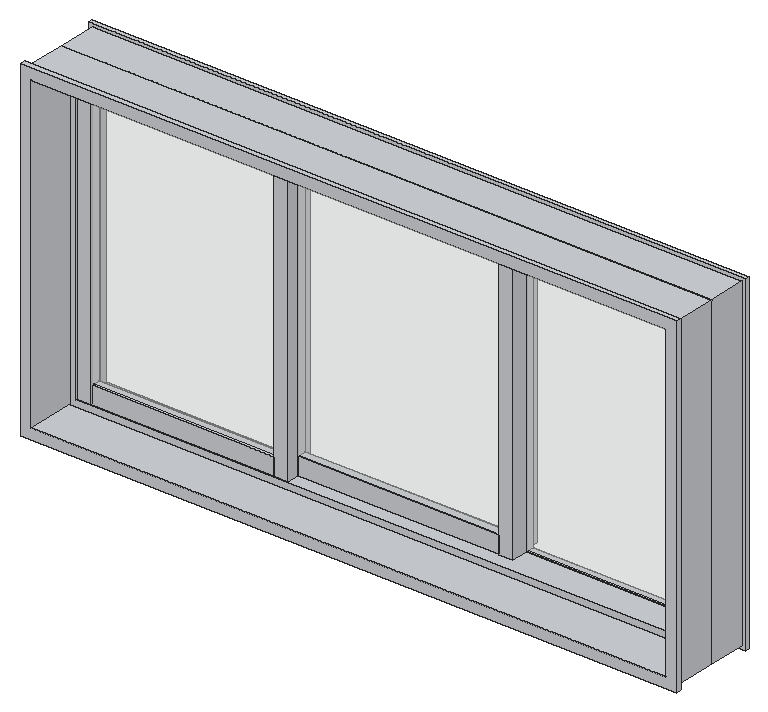
Revit family "APL Residential Thermal Heart Sliding Window SSF", category Windows, host Wall, Revit 2017 (continued)
Definition of nested family "APL Residential Thermal Heart Sliding Window SSF Vertical Section"
  Definition of nested family "Three Panel Head"
    Definition of nested family "65410_Frame"
      Lines and regions (mm)
        model lines, in view "Ref. Level"
          curve 131: arc (62.604, -10.415, 0) -> (61.577, -10.683, 0) -> (61.309, -9.657, 0) r 0.75
          curve 132: arc (61.309, -9.657, 0) -> (62.349, -8.558, 0) -> (63.765, -8.028, 0) r 3.35
          curve 133: arc (63.765, -8.028, 0) -> (64.076, -7.862, 0) -> (64.2, -7.533, 0) r 0.5
          curve 134: arc (64.2, 1.517, 0) -> (64.489, 3.435, 0) -> (65.33, 5.182, 0) r 6.5
          curve 135: arc (65.33, 5.182, 0) -> (65.978, 6.526, 0) -> (66.2, 8, 0) r 5
          curve 136: arc (66.2, 17.1, 0) -> (66.054, 17.454, 0) -> (65.7, 17.6, 0) r 0.5
          curve 137: arc (47, 17.6, 0) -> (46.646, 17.454, 0) -> (46.5, 17.1, 0) r 0.5
          curve 138: arc (46.5, 12.5, 0) -> (46.409, 11.986, 0) -> (46.147, 11.533, 0) r 1.5
          curve 139: arc (24.183, -15.774, 0) -> (24.053, -15.838, 0) -> (24, -15.973, 0) r 0.2
          curve 140: arc (24.399, -18.321, 0) -> (24.668, -18.608, 0) -> (25.06, -18.613, 0) r 0.5
          curve 141: arc (25.06, -18.613, 0) -> (25.211, -18.697, 0) -> (25.38, -18.663, 0) r 0.25
          curve 142: arc (25.466, -18.611, 0) -> (25.572, -18.479, 0) -> (25.569, -18.309, 0) r 0.25
          curve 143: arc (26.823, -17.544, 0) -> (26.898, -17.511, 0) -> (26.979, -17.5, 0) r 0.3
          curve 144: arc (27.5, -17.5, 0) -> (27.658, -17.578, 0) -> (27.694, -17.75, 0) r 0.2
          curve 145: arc (27.5, -21.753, 0) -> (27.526, -21.875, 0) -> (27.6, -21.976, 0) r 0.3
          curve 146: arc (27.6, -21.976, 0) -> (27.68, -22.307, 0) -> (27.4, -22.5, 0) r 0.3
          curve 147: arc (25.179, -21.957, 0) -> (25.09, -21.905, 0) -> (25.038, -21.816, 0) r 0.2
          curve 148: arc (24.993, -21.648, 0) -> (24.852, -21.507, 0) -> (24.659, -21.559, 0) r 0.2
          curve 149: arc (24.295, -21.922, 0) -> (24.235, -22.008, 0) -> (24.208, -22.108, 0) r 0.3
          curve 150: arc (24.001, -24.474, 0) -> (24.117, -24.738, 0) -> (24.403, -24.782, 0) r 0.3
          curve 151: arc (25.813, -24.268, 0) -> (25.939, -24.181, 0) -> (26.005, -24.043, 0) r 0.3
          curve 152: arc (26.005, -24.043, 0) -> (26.278, -23.801, 0) -> (26.583, -24, 0) r 0.3
          curve 153: arc (28.9, -24, 0) -> (29.254, -23.854, 0) -> (29.4, -23.5, 0) r 0.5
          curve 154: arc (29.4, -17.9, 0) -> (29.546, -17.546, 0) -> (29.9, -17.4, 0) r 0.499
          curve 155: arc (37.767, -17.4, 0) -> (38.931, -17.165, 0) -> (39.913, -16.497, 0) r 2.996
          curve 156: arc (39.913, -16.497, 0) -> (40.232, -16.27, 0) -> (40.611, -16.169, 0) r 1.1
          curve 157: arc (68.1, -15.1, 0) -> (68.241, -15.159, 0) -> (68.3, -15.3, 0) r 0.2
          curve 158: arc (68.3, -23.5, 0) -> (68.446, -23.854, 0) -> (68.8, -24, 0) r 0.5
          curve 159: arc (71.117, -24, 0) -> (71.422, -23.801, 0) -> (71.695, -24.043, 0) r 0.3
          curve 160: arc (71.695, -24.043, 0) -> (71.761, -24.181, 0) -> (71.887, -24.268, 0) r 0.3
          curve 161: arc (73.297, -24.782, 0) -> (73.583, -24.738, 0) -> (73.699, -24.474, 0) r 0.3
          curve 162: arc (73.492, -22.108, 0) -> (73.465, -22.008, 0) -> (73.405, -21.922, 0) r 0.3
          curve 163: arc (73.041, -21.559, 0) -> (72.848, -21.507, 0) -> (72.707, -21.648, 0) r 0.2
          curve 164: arc (72.662, -21.816, 0) -> (72.61, -21.905, 0) -> (72.521, -21.957, 0) r 0.2
          curve 165: arc (70.3, -22.5, 0) -> (70.02, -22.307, 0) -> (70.1, -21.976, 0) r 0.3
          curve 166: arc (70.1, -21.976, 0) -> (70.174, -21.875, 0) -> (70.2, -21.753, 0) r 0.3
          curve 167: arc (70.006, -17.75, 0) -> (70.042, -17.578, 0) -> (70.2, -17.5, 0) r 0.2
          curve 168: arc (70.721, -17.5, 0) -> (70.802, -17.511, 0) -> (70.877, -17.544, 0) r 0.3
          curve 169: arc (72.131, -18.309, 0) -> (72.128, -18.479, 0) -> (72.234, -18.611, 0) r 0.25
          curve 170: arc (72.32, -18.663, 0) -> (72.572, -18.668, 0) -> (72.7, -18.45, 0) r 0.25
          curve 171: arc (72.7, -16.876, 0) -> (72.618, -16.478, 0) -> (72.385, -16.146, 0) r 1
          curve 172: arc (72.385, -16.146, 0) -> (72.322, -16, 0) -> (72.385, -15.854, 0) r 0.2
          curve 173: arc (72.385, -15.854, 0) -> (72.618, -15.523, 0) -> (72.7, -15.126, 0) r 1
          curve 174: arc (72.7, -13.551, 0) -> (72.573, -13.332, 0) -> (72.32, -13.337, 0) r 0.25
          curve 175: arc (72.234, -13.389, 0) -> (72.128, -13.521, 0) -> (72.131, -13.691, 0) r 0.25
          curve 176: arc (70.877, -14.456, 0) -> (70.802, -14.489, 0) -> (70.721, -14.5, 0) r 0.3
          curve 177: arc (70.2, -14.5, 0) -> (70.042, -14.422, 0) -> (70.006, -14.25, 0) r 0.2
          curve 178: arc (70.2, -10.247, 0) -> (70.174, -10.124, 0) -> (70.1, -10.024, 0) r 0.3
          curve 179: arc (70.1, -10.024, 0) -> (70.02, -9.693, 0) -> (70.3, -9.5, 0) r 0.3
          curve 180: arc (72.521, -10.043, 0) -> (72.61, -10.095, 0) -> (72.662, -10.184, 0) r 0.2
          curve 181: arc (72.707, -10.352, 0) -> (72.848, -10.493, 0) -> (73.041, -10.441, 0) r 0.2
          curve 182: arc (73.405, -10.078, 0) -> (73.465, -9.992, 0) -> (73.492, -9.892, 0) r 0.3
          curve 183: arc (73.699, -7.526, 0) -> (73.583, -7.262, 0) -> (73.297, -7.218, 0) r 0.3
          curve 184: arc (71.887, -7.732, 0) -> (71.761, -7.819, 0) -> (71.695, -7.957, 0) r 0.3
          curve 185: arc (71.695, -7.957, 0) -> (71.422, -8.199, 0) -> (71.117, -8, 0) r 0.3
          curve 186: arc (66.201, -8, 0) -> (65.847, -7.854, 0) -> (65.7, -7.5, 0) r 0.5
          curve 187: arc (65.7, 1.519, 0) -> (65.922, 2.994, 0) -> (66.57, 4.337, 0) r 5
          curve 188: arc (66.57, 4.337, 0) -> (67.411, 6.083, 0) -> (67.7, 8, 0) r 6.5
          curve 189: arc (67.7, 9.1, 0) -> (67.759, 9.241, 0) -> (67.9, 9.3, 0) r 0.2
          curve 190: arc (69.3, 9.3, 0) -> (69.441, 9.241, 0) -> (69.5, 9.1, 0) r 0.2
          curve 191: arc (69.5, 8.8, 0) -> (70, 8.299, 0) -> (70.5, 8.8, 0) r 0.5
          curve 192: arc (70.5, 11.351, 0) -> (69.999, 11.85, 0) -> (69.5, 11.35, 0) r 0.5
          curve 193: arc (69.5, 10.5, 0) -> (69.441, 10.359, 0) -> (69.3, 10.3, 0) r 0.2
          curve 194: arc (67.9, 10.3, 0) -> (67.759, 10.359, 0) -> (67.7, 10.5, 0) r 0.2
          curve 195: arc (67.7, 17.8, 0) -> (67.759, 17.941, 0) -> (67.9, 18, 0) r 0.2
          curve 196: arc (69.3, 18, 0) -> (69.441, 17.941, 0) -> (69.5, 17.8, 0) r 0.2
          curve 197: arc (69.5, 16.95, 0) -> (70, 16.449, 0) -> (70.5, 16.95, 0) r 0.5
          curve 198: arc (70.5, 18.499, 0) -> (70.354, 18.853, 0) -> (70, 19, 0) r 0.5
          curve 199: arc (42.7, 19, 0) -> (42.559, 18.941, 0) -> (42.5, 18.8, 0) r 0.2
          curve 200: arc (42.5, 17.25, 0) -> (43, 16.749, 0) -> (43.5, 17.25, 0) r 0.5
          curve 201: arc (43.5, 17.8, 0) -> (43.559, 17.941, 0) -> (43.7, 18, 0) r 0.2
          curve 202: arc (44.8, 18, 0) -> (44.941, 17.941, 0) -> (45, 17.8, 0) r 0.2
          curve 203: arc (45, 12.7, 0) -> (44.941, 12.559, 0) -> (44.8, 12.5, 0) r 0.2
          curve 204: arc (43.7, 12.5, 0) -> (43.559, 12.559, 0) -> (43.5, 12.7, 0) r 0.2
          curve 205: arc (43.5, 13.25, 0) -> (43, 13.749, 0) -> (42.5, 13.25, 0) r 0.5
          curve 206: arc (42.5, 12.5, 0) -> (42.793, 11.793, 0) -> (43.5, 11.5, 0) r 1
          curve 207: arc (44.395, 11.5, 0) -> (44.539, 11.443, 0) -> (44.6, 11.3, 0) r 0.202
          curve 208: arc (44.6, 0.2, 0) -> (44.538, 0.058, 0) -> (44.395, 0, 0) r 0.205
          curve 209: arc (26.583, 0, 0) -> (26.278, -0.199, 0) -> (26.005, 0.043, 0) r 0.3
          curve 210: arc (26.005, 0.043, 0) -> (25.939, 0.181, 0) -> (25.813, 0.268, 0) r 0.3
          curve 211: arc (24.403, 0.782, 0) -> (24.117, 0.738, 0) -> (24.001, 0.474, 0) r 0.3
          curve 212: arc (24.208, -1.892, 0) -> (24.235, -1.992, 0) -> (24.295, -2.078, 0) r 0.3
          curve 213: arc (24.659, -2.441, 0) -> (24.852, -2.493, 0) -> (24.993, -2.352, 0) r 0.2
          curve 214: arc (25.038, -2.184, 0) -> (25.09, -2.095, 0) -> (25.179, -2.043, 0) r 0.2
          curve 215: arc (27.4, -1.5, 0) -> (27.68, -1.693, 0) -> (27.6, -2.024, 0) r 0.3
          curve 216: arc (27.6, -2.024, 0) -> (27.526, -2.125, 0) -> (27.5, -2.247, 0) r 0.3
          curve 217: arc (27.694, -6.25, 0) -> (27.658, -6.422, 0) -> (27.5, -6.5, 0) r 0.2
          curve 218: arc (26.979, -6.5, 0) -> (26.898, -6.489, 0) -> (26.823, -6.456, 0) r 0.3
          curve 219: arc (25.569, -5.691, 0) -> (25.572, -5.521, 0) -> (25.466, -5.389, 0) r 0.25
          curve 220: arc (25.38, -5.337, 0) -> (25.128, -5.332, 0) -> (25, -5.55, 0) r 0.25
          curve 221: arc (25, -7.126, 0) -> (25.128, -7.615, 0) -> (25.479, -7.979, 0) r 1
          curve 222: line (46.1, 11.405, 0) -> (46.1, 0.2, 0)
          curve 223: line (44.4, -1.5, 0) -> (29.9, -1.5, 0)
          curve 224: line (29.4, -2, 0) -> (29.4, -15.099, 0)
          curve 225: line (29.9, -15.6, 0) -> (36.605, -15.6, 0)
          curve 226: line (39.189, -14.379, 0) -> (53.629, -13.2, 0)
          curve 227: line (53.629, -13.2, 0) -> (62.286, -13.2, 0)
          curve 228: line (64.2, -7.533, 0) -> (64.2, 1.517, 0)
          curve 229: line (66.2, 8, 0) -> (66.2, 17.1, 0)
          curve 230: line (65.7, 17.6, 0) -> (47, 17.6, 0)
          curve 231: line (46.5, 17.1, 0) -> (46.5, 12.5, 0)
          curve 232: line (27.317, -15.499, 0) -> (24.183, -15.774, 0)
          curve 233: line (24, -15.973, 0) -> (24, -17.189, 0)
          curve 234: line (24, -17.189, 0) -> (24.399, -18.321, 0)
          curve 235: line (25.569, -18.309, 0) -> (26.823, -17.544, 0)
          curve 236: line (26.823, -17.544, 0) -> (27.5, -17.5, 0)
          curve 237: line (27.694, -17.75, 0) -> (27.5, -18.5, 0)
          curve 238: line (27.506, -18.475, 0) -> (27.5, -21.753, 0)
          curve 239: line (27.246, -22.5, 0) -> (25.179, -21.957, 0)
          curve 240: line (25.179, -21.957, 0) -> (24.993, -21.648, 0)
          curve 241: line (24.659, -21.559, 0) -> (24.295, -21.922, 0)
          curve 242: line (24.208, -22.108, 0) -> (24.001, -24.474, 0)
          curve 243: line (24.403, -24.782, 0) -> (25.813, -24.268, 0)
          curve 244: line (26.583, -24, 0) -> (28.9, -24, 0)
          curve 245: line (29.4, -23.5, 0) -> (29.4, -17.9, 0)
          curve 246: line (29.9, -17.4, 0) -> (33.5, -17.4, 0)
          curve 247: line (33.5, -17.4, 0) -> (33.9, -17, 0)
          curve 248: line (33.9, -17, 0) -> (34.3, -17.4, 0)
          curve 249: line (34.3, -17.4, 0) -> (37.767, -17.4, 0)
          curve 250: line (40.611, -16.169, 0) -> (53.707, -15.1, 0)
          curve 251: line (53.707, -15.1, 0) -> (58.307, -15.1, 0)
          curve 252: line (58.307, -15.1, 0) -> (58.707, -14.7, 0)
          curve 253: line (58.707, -14.7, 0) -> (59.107, -15.1, 0)
          curve 254: line (59.107, -15.1, 0) -> (68.1, -15.1, 0)
          curve 255: line (68.3, -15.3, 0) -> (68.3, -23.5, 0)
          curve 256: line (68.8, -24, 0) -> (71.117, -24, 0)
          curve 257: line (71.887, -24.268, 0) -> (73.297, -24.782, 0)
          curve 258: line (73.699, -24.474, 0) -> (73.492, -22.108, 0)
          curve 259: line (73.405, -21.922, 0) -> (73.041, -21.559, 0)
          curve 260: line (72.707, -21.648, 0) -> (72.662, -21.816, 0)
          curve 261: line (72.662, -21.816, 0) -> (70.532, -22.49, 0)
          curve 262: line (70.532, -22.49, 0) -> (70.3, -22.5, 0)
          curve 263: line (70.2, -21.753, 0) -> (70.2, -18.525, 0)
          curve 264: line (70.2, -18.525, 0) -> (70.006, -17.75, 0)
          curve 265: line (70.2, -17.5, 0) -> (70.721, -17.5, 0)
          curve 266: line (70.721, -17.5, 0) -> (72.131, -18.309, 0)
          curve 267: line (72.7, -18.45, 0) -> (72.7, -16.876, 0)
          curve 268: line (72.7, -15.126, 0) -> (72.7, -13.551, 0)
          curve 269: line (72.131, -13.691, 0) -> (70.877, -14.456, 0)
          curve 270: line (70.877, -14.456, 0) -> (70.2, -14.5, 0)
          curve 271: line (70.006, -14.25, 0) -> (70.2, -13.5, 0)
          curve 272: line (70.194, -13.525, 0) -> (70.2, -10.248, 0)
          curve 273: line (70.454, -9.5, 0) -> (72.521, -10.043, 0)
          curve 274: line (72.521, -10.043, 0) -> (72.707, -10.352, 0)
          curve 275: line (73.041, -10.441, 0) -> (73.405, -10.078, 0)
          curve 276: line (73.492, -9.892, 0) -> (73.699, -7.526, 0)
          curve 277: line (73.297, -7.218, 0) -> (71.887, -7.732, 0)
          curve 278: line (71.117, -8, 0) -> (66.201, -8, 0)
          curve 279: line (65.7, -7.5, 0) -> (65.7, 1.519, 0)
          curve 280: line (67.7, 8, 0) -> (67.7, 9.1, 0)
          curve 281: line (67.9, 9.3, 0) -> (69.3, 9.3, 0)
          curve 282: line (69.5, 9.1, 0) -> (69.5, 8.8, 0)
          curve 283: line (70.5, 8.8, 0) -> (70.5, 11.351, 0)
          curve 284: line (69.5, 11.35, 0) -> (69.5, 10.5, 0)
          curve 285: line (69.3, 10.3, 0) -> (67.9, 10.3, 0)
          curve 286: line (67.7, 10.5, 0) -> (67.7, 17.8, 0)
          curve 287: line (67.9, 18, 0) -> (69.3, 18, 0)
          curve 288: line (69.5, 17.8, 0) -> (69.5, 16.95, 0)
          curve 289: line (70.5, 16.95, 0) -> (70.5, 18.499, 0)
          curve 290: line (70, 19, 0) -> (42.7, 19, 0)
          curve 291: line (42.5, 18.8, 0) -> (42.5, 17.25, 0)
          curve 292: line (43.5, 17.25, 0) -> (43.5, 17.8, 0)
          curve 293: line (43.7, 18, 0) -> (44.8, 18, 0)
          curve 294: line (45, 17.8, 0) -> (45, 12.7, 0)
          curve 295: line (44.8, 12.5, 0) -> (43.7, 12.5, 0)
          curve 296: line (43.5, 12.7, 0) -> (43.5, 13.25, 0)
          curve 297: line (42.5, 13.25, 0) -> (42.5, 12.5, 0)
          curve 298: line (43.5, 11.5, 0) -> (44.395, 11.5, 0)
          curve 299: line (44.6, 11.3, 0) -> (44.6, 0.2, 0)
          curve 300: line (44.395, 0, 0) -> (34.3, 0, 0)
          curve 301: line (34.3, 0, 0) -> (33.9, -0.4, 0)
          curve 302: line (33.9, -0.4, 0) -> (33.5, 0, 0)
          curve 303: line (33.5, 0, 0) -> (26.583, 0, 0)
          curve 304: line (25.813, 0.268, 0) -> (24.403, 0.782, 0)
          curve 305: line (24.001, 0.474, 0) -> (24.208, -1.892, 0)
          curve 306: line (24.295, -2.078, 0) -> (24.659, -2.441, 0)
          curve 307: line (24.993, -2.352, 0) -> (25.038, -2.184, 0)
          curve 308: line (25.038, -2.184, 0) -> (27.168, -1.51, 0)
          curve 309: line (27.168, -1.51, 0) -> (27.4, -1.5, 0)
          curve 310: line (27.5, -2.247, 0) -> (27.5, -5.475, 0)
          curve 311: line (27.5, -5.475, 0) -> (27.694, -6.25, 0)
          curve 312: line (27.5, -6.5, 0) -> (26.979, -6.5, 0)
          curve 313: line (26.979, -6.5, 0) -> (25.569, -5.691, 0)
          curve 314: line (25, -5.55, 0) -> (25, -7.126, 0)
          curve 315: line (25.479, -7.979, 0) -> (26.284, -8.471, 0)
          curve 316: line (26.284, -8.471, 0) -> (27.5, -8.5, 0)
          curve 317: line (27.5, -8.5, 0) -> (27.5, -15.3, 0)
          curve 318: arc (27.5, -15.3, 0) -> (27.447, -15.435, 0) -> (27.317, -15.499, 0) r 0.2
          curve 319: arc (12.7, -21.8, 0) -> (12.817, -22.083, 0) -> (13.1, -22.2, 0) r 0.4
          curve 320: arc (13.393, -22.2, 0) -> (13.496, -22.186, 0) -> (13.593, -22.146, 0) r 0.4
          curve 321: arc (15.121, -21.262, 0) -> (15.411, -21.141, 0) -> (15.722, -21.1, 0) r 1.2
          curve 322: arc (16.645, -21.1, 0) -> (17.218, -20.919, 0) -> (17.584, -20.442, 0) r 1
          curve 323: arc (18.377, -18.263, 0) -> (18.524, -18.072, 0) -> (18.753, -18, 0) r 0.4
          curve 324: arc (21.447, -18, 0) -> (21.676, -18.072, 0) -> (21.823, -18.263, 0) r 0.4
          curve 325: arc (22.616, -20.442, 0) -> (22.982, -20.919, 0) -> (23.555, -21.1, 0) r 1
          curve 326: arc (24.478, -21.1, 0) -> (24.789, -21.141, 0) -> (25.079, -21.262, 0) r 1.2
          curve 327: arc (26.607, -22.146, 0) -> (26.704, -22.186, 0) -> (26.807, -22.2, 0) r 0.4
          curve 328: arc (27.1, -22.2, 0) -> (27.383, -22.083, 0) -> (27.5, -21.8, 0) r 0.4
          curve 329: arc (27.5, -18.4, 0) -> (27.383, -18.117, 0) -> (27.1, -18, 0) r 0.4
          curve 330: arc (26.807, -18, 0) -> (26.704, -18.014, 0) -> (26.607, -18.054, 0) r 0.4
          curve 331: arc (25.079, -18.939, 0) -> (24.785, -19.06, 0) -> (24.47, -19.1, 0) r 1.2
          curve 332: arc (24.47, -19.1, 0) -> (24.295, -19.047, 0) -> (24.184, -18.903, 0) r 0.3
          curve 333: arc (23.296, -16.463, 0) -> (23.149, -16.272, 0) -> (22.92, -16.2, 0) r 0.4
          curve 334: arc (17.28, -16.2, 0) -> (17.051, -16.272, 0) -> (16.904, -16.463, 0) r 0.4
          curve 335: arc (16.016, -18.903, 0) -> (15.905, -19.047, 0) -> (15.73, -19.1, 0) r 0.3
          curve 336: arc (15.73, -19.1, 0) -> (15.415, -19.06, 0) -> (15.121, -18.939, 0) r 1.2
          curve 337: arc (13.593, -18.054, 0) -> (13.496, -18.014, 0) -> (13.393, -18, 0) r 0.4
          curve 338: arc (13.1, -18, 0) -> (12.817, -18.117, 0) -> (12.7, -18.4, 0) r 0.4
          curve 339: line (13.1, -22.2, 0) -> (13.393, -22.2, 0)
          curve 340: line (13.593, -22.146, 0) -> (15.121, -21.262, 0)
          curve 341: line (15.722, -21.1, 0) -> (16.645, -21.1, 0)
          curve 342: line (17.584, -20.442, 0) -> (18.377, -18.263, 0)
          curve 343: line (18.753, -18, 0) -> (21.447, -18, 0)
          curve 344: line (21.823, -18.263, 0) -> (22.616, -20.442, 0)
          curve 345: line (23.555, -21.1, 0) -> (24.478, -21.1, 0)
          curve 346: line (25.079, -21.262, 0) -> (26.607, -22.146, 0)
          curve 347: line (26.807, -22.2, 0) -> (27.1, -22.2, 0)
          curve 348: line (27.5, -21.8, 0) -> (27.5, -18.4, 0)
          curve 349: line (27.1, -18, 0) -> (26.807, -18, 0)
          curve 350: line (26.607, -18.054, 0) -> (25.079, -18.939, 0)
          curve 351: line (24.184, -18.903, 0) -> (23.296, -16.463, 0)
          curve 352: line (22.92, -16.2, 0) -> (17.28, -16.2, 0)
          curve 353: line (16.904, -16.463, 0) -> (16.016, -18.903, 0)
          curve 354: line (15.121, -18.939, 0) -> (13.593, -18.054, 0)
          curve 355: line (13.393, -18, 0) -> (13.1, -18, 0)
          curve 356: line (12.7, -18.4, 0) -> (12.7, -21.8, 0)
          curve 357: arc (12.7, -5.6, 0) -> (12.817, -5.883, 0) -> (13.1, -6, 0) r 0.4
          curve 358: arc (13.393, -6, 0) -> (13.496, -5.986, 0) -> (13.593, -5.946, 0) r 0.4
          curve 359: arc (15.121, -5.062, 0) -> (15.411, -4.941, 0) -> (15.722, -4.9, 0) r 1.2
          curve 360: arc (16.645, -4.9, 0) -> (17.218, -4.719, 0) -> (17.584, -4.242, 0) r 1
          curve 361: arc (18.377, -2.063, 0) -> (18.524, -1.872, 0) -> (18.753, -1.8, 0) r 0.4
          curve 362: arc (21.447, -1.8, 0) -> (21.676, -1.872, 0) -> (21.823, -2.063, 0) r 0.4
          curve 363: arc (22.616, -4.242, 0) -> (22.982, -4.719, 0) -> (23.555, -4.9, 0) r 1
          curve 364: arc (24.478, -4.9, 0) -> (24.789, -4.941, 0) -> (25.079, -5.062, 0) r 1.2
          curve 365: arc (26.607, -5.946, 0) -> (26.704, -5.986, 0) -> (26.807, -6, 0) r 0.4
          curve 366: arc (27.1, -6, 0) -> (27.383, -5.883, 0) -> (27.5, -5.6, 0) r 0.4
          curve 367: arc (27.5, -2.2, 0) -> (27.383, -1.917, 0) -> (27.1, -1.8, 0) r 0.4
          curve 368: arc (26.807, -1.8, 0) -> (26.704, -1.814, 0) -> (26.607, -1.854, 0) r 0.4
          curve 369: arc (25.079, -2.739, 0) -> (24.785, -2.86, 0) -> (24.47, -2.9, 0) r 1.2
          curve 370: arc (24.47, -2.9, 0) -> (24.295, -2.847, 0) -> (24.184, -2.703, 0) r 0.3
          curve 371: arc (23.296, -0.263, 0) -> (23.149, -0.072, 0) -> (22.92, 0, 0) r 0.4
          curve 372: arc (17.28, 0, 0) -> (17.051, -0.072, 0) -> (16.904, -0.263, 0) r 0.4
          curve 373: arc (16.016, -2.703, 0) -> (15.905, -2.847, 0) -> (15.73, -2.9, 0) r 0.3
          curve 374: arc (15.73, -2.9, 0) -> (15.415, -2.86, 0) -> (15.121, -2.739, 0) r 1.2
          curve 375: arc (13.593, -1.854, 0) -> (13.496, -1.814, 0) -> (13.393, -1.8, 0) r 0.4
          curve 376: arc (13.1, -1.8, 0) -> (12.817, -1.917, 0) -> (12.7, -2.2, 0) r 0.4
          curve 377: line (13.1, -6, 0) -> (13.393, -6, 0)
          curve 378: line (13.593, -5.946, 0) -> (15.121, -5.062, 0)
          curve 379: line (15.722, -4.9, 0) -> (16.645, -4.9, 0)
          curve 380: line (17.584, -4.242, 0) -> (18.377, -2.063, 0)
          curve 381: line (18.753, -1.8, 0) -> (21.447, -1.8, 0)
          curve 382: line (21.823, -2.063, 0) -> (22.616, -4.242, 0)
          curve 383: line (23.555, -4.9, 0) -> (24.478, -4.9, 0)
          curve 384: line (25.079, -5.062, 0) -> (26.607, -5.946, 0)
          curve 385: line (26.807, -6, 0) -> (27.1, -6, 0)
          curve 386: line (27.5, -5.6, 0) -> (27.5, -2.2, 0)
          curve 387: line (27.1, -1.8, 0) -> (26.807, -1.8, 0)
          curve 388: line (26.607, -1.854, 0) -> (25.079, -2.739, 0)
          curve 389: line (24.184, -2.703, 0) -> (23.296, -0.263, 0)
          curve 390: line (22.92, 0, 0) -> (17.28, 0, 0)
          curve 391: line (16.904, -0.263, 0) -> (16.016, -2.703, 0)
          curve 392: line (15.121, -2.739, 0) -> (13.593, -1.854, 0)
          curve 393: line (13.393, -1.8, 0) -> (13.1, -1.8, 0)
          curve 394: line (12.7, -2.2, 0) -> (12.7, -5.6, 0)
          curve 395: arc (70.2, -13.6, 0) -> (70.317, -13.883, 0) -> (70.6, -14, 0) r 0.4
          curve 396: arc (70.893, -14, 0) -> (70.996, -13.986, 0) -> (71.093, -13.946, 0) r 0.4
          curve 397: arc (72.621, -13.061, 0) -> (72.911, -12.941, 0) -> (73.222, -12.9, 0) r 1.2
          curve 398: arc (74.145, -12.9, 0) -> (74.718, -12.719, 0) -> (75.084, -12.242, 0) r 1
          curve 399: arc (75.877, -10.063, 0) -> (76.024, -9.872, 0) -> (76.253, -9.8, 0) r 0.4
          curve 400: arc (78.947, -9.8, 0) -> (79.176, -9.872, 0) -> (79.323, -10.063, 0) r 0.4
          curve 401: arc (80.116, -12.242, 0) -> (80.482, -12.719, 0) -> (81.055, -12.9, 0) r 1
          curve 402: arc (81.978, -12.9, 0) -> (82.289, -12.941, 0) -> (82.579, -13.061, 0) r 1.2
          curve 403: arc (84.107, -13.946, 0) -> (84.204, -13.986, 0) -> (84.307, -14, 0) r 0.4
          curve 404: arc (84.6, -14, 0) -> (84.883, -13.883, 0) -> (85, -13.6, 0) r 0.4
          curve 405: arc (85, -10.2, 0) -> (84.883, -9.917, 0) -> (84.6, -9.8, 0) r 0.4
          curve 406: arc (84.307, -9.8, 0) -> (84.204, -9.814, 0) -> (84.107, -9.854, 0) r 0.4
          curve 407: arc (82.579, -10.739, 0) -> (82.285, -10.86, 0) -> (81.97, -10.9, 0) r 1.2
          curve 408: arc (81.97, -10.9, 0) -> (81.795, -10.847, 0) -> (81.684, -10.703, 0) r 0.3
          curve 409: arc (80.796, -8.263, 0) -> (80.649, -8.072, 0) -> (80.42, -8, 0) r 0.4
          curve 410: arc (74.78, -8, 0) -> (74.551, -8.072, 0) -> (74.404, -8.263, 0) r 0.4
          curve 411: arc (73.516, -10.703, 0) -> (73.405, -10.847, 0) -> (73.23, -10.9, 0) r 0.3
          curve 412: arc (73.23, -10.9, 0) -> (72.915, -10.86, 0) -> (72.621, -10.739, 0) r 1.2
          curve 413: arc (71.093, -9.854, 0) -> (70.996, -9.814, 0) -> (70.893, -9.8, 0) r 0.4
          curve 414: arc (70.6, -9.8, 0) -> (70.317, -9.917, 0) -> (70.2, -10.2, 0) r 0.4
          curve 415: line (70.6, -14, 0) -> (70.893, -14, 0)
          curve 416: line (71.093, -13.946, 0) -> (72.621, -13.061, 0)
          curve 417: line (73.222, -12.9, 0) -> (74.145, -12.9, 0)
          curve 418: line (75.084, -12.242, 0) -> (75.877, -10.063, 0)
          curve 419: line (76.253, -9.8, 0) -> (78.947, -9.8, 0)
          curve 420: line (79.323, -10.063, 0) -> (80.116, -12.242, 0)
          curve 421: line (81.055, -12.9, 0) -> (81.978, -12.9, 0)
          curve 422: line (82.579, -13.061, 0) -> (84.107, -13.946, 0)
          curve 423: line (84.307, -14, 0) -> (84.6, -14, 0)
          curve 424: line (85, -13.6, 0) -> (85, -10.2, 0)
          curve 425: line (84.6, -9.8, 0) -> (84.307, -9.8, 0)
          curve 426: line (84.107, -9.854, 0) -> (82.579, -10.739, 0)
          curve 427: line (81.684, -10.703, 0) -> (80.796, -8.263, 0)
          curve 428: line (80.42, -8, 0) -> (74.78, -8, 0)
          curve 429: line (74.404, -8.263, 0) -> (73.516, -10.703, 0)
          curve 430: line (72.621, -10.739, 0) -> (71.093, -9.854, 0)
          curve 431: line (70.893, -9.8, 0) -> (70.6, -9.8, 0)
          curve 432: line (70.2, -10.2, 0) -> (70.2, -13.6, 0)
          curve 433: arc (70.2, -18.4, 0) -> (70.317, -18.117, 0) -> (70.6, -18, 0) r 0.4
          curve 434: arc (70.893, -18, 0) -> (70.996, -18.014, 0) -> (71.093, -18.054, 0) r 0.4
          curve 435: arc (72.621, -18.939, 0) -> (72.911, -19.059, 0) -> (73.222, -19.1, 0) r 1.2
          curve 436: arc (74.145, -19.1, 0) -> (74.718, -19.281, 0) -> (75.084, -19.758, 0) r 1
          curve 437: arc (75.877, -21.937, 0) -> (76.024, -22.128, 0) -> (76.253, -22.2, 0) r 0.4
          curve 438: arc (78.947, -22.2, 0) -> (79.176, -22.128, 0) -> (79.323, -21.937, 0) r 0.4
          curve 439: arc (80.116, -19.758, 0) -> (80.482, -19.281, 0) -> (81.055, -19.1, 0) r 1
          curve 440: arc (81.978, -19.1, 0) -> (82.289, -19.059, 0) -> (82.579, -18.939, 0) r 1.2
          curve 441: arc (84.107, -18.054, 0) -> (84.204, -18.014, 0) -> (84.307, -18, 0) r 0.4
          curve 442: arc (84.6, -18, 0) -> (84.883, -18.117, 0) -> (85, -18.4, 0) r 0.4
          curve 443: arc (85, -21.8, 0) -> (84.883, -22.083, 0) -> (84.6, -22.2, 0) r 0.4
          curve 444: arc (84.307, -22.2, 0) -> (84.204, -22.186, 0) -> (84.107, -22.146, 0) r 0.4
          curve 445: arc (82.579, -21.262, 0) -> (82.285, -21.14, 0) -> (81.97, -21.1, 0) r 1.2
          curve 446: arc (81.97, -21.1, 0) -> (81.795, -21.153, 0) -> (81.684, -21.297, 0) r 0.3
          curve 447: arc (80.796, -23.737, 0) -> (80.649, -23.928, 0) -> (80.42, -24, 0) r 0.4
          curve 448: arc (74.78, -24, 0) -> (74.551, -23.928, 0) -> (74.404, -23.737, 0) r 0.4
          curve 449: arc (73.516, -21.297, 0) -> (73.405, -21.153, 0) -> (73.23, -21.1, 0) r 0.3
          curve 450: arc (73.23, -21.1, 0) -> (72.915, -21.14, 0) -> (72.621, -21.262, 0) r 1.2
          curve 451: arc (71.093, -22.146, 0) -> (70.996, -22.186, 0) -> (70.893, -22.2, 0) r 0.4
          curve 452: arc (70.6, -22.2, 0) -> (70.317, -22.083, 0) -> (70.2, -21.8, 0) r 0.4
          curve 453: line (70.6, -18, 0) -> (70.893, -18, 0)
          curve 454: line (71.093, -18.054, 0) -> (72.621, -18.939, 0)
          curve 455: line (73.222, -19.1, 0) -> (74.145, -19.1, 0)
          curve 456: line (75.084, -19.758, 0) -> (75.877, -21.937, 0)
          curve 457: line (76.253, -22.2, 0) -> (78.947, -22.2, 0)
          curve 458: line (79.323, -21.937, 0) -> (80.116, -19.758, 0)
          curve 459: line (81.055, -19.1, 0) -> (81.978, -19.1, 0)
          curve 460: line (82.579, -18.939, 0) -> (84.107, -18.054, 0)
          curve 461: line (84.307, -18, 0) -> (84.6, -18, 0)
          curve 462: line (85, -18.4, 0) -> (85, -21.8, 0)
          curve 463: line (84.6, -22.2, 0) -> (84.307, -22.2, 0)
          curve 464: line (84.107, -22.146, 0) -> (82.579, -21.262, 0)
          curve 465: line (81.684, -21.297, 0) -> (80.796, -23.737, 0)
          curve 466: line (80.42, -24, 0) -> (74.78, -24, 0)
          curve 467: line (74.404, -23.737, 0) -> (73.516, -21.297, 0)
          curve 468: line (72.621, -21.262, 0) -> (71.093, -22.146, 0)
          curve 469: line (70.893, -22.2, 0) -> (70.6, -22.2, 0)
          curve 470: line (70.2, -21.8, 0) -> (70.2, -18.4, 0)
          curve 471: arc (101.9, -10, 0) -> (102.042, -10.059, 0) -> (102.1, -10.2, 0) r 0.2
          curve 472: arc (102.1, -11.1, 0) -> (102.159, -11.241, 0) -> (102.3, -11.3, 0) r 0.2
          curve 473: arc (109.1, -11.3, 0) -> (109.454, -11.154, 0) -> (109.6, -10.8, 0) r 0.5
          curve 474: arc (109.6, -9.5, 0) -> (109.541, -9.359, 0) -> (109.4, -9.3, 0) r 0.2
          curve 475: arc (107.3, -9.3, 0) -> (107.159, -9.241, 0) -> (107.1, -9.1, 0) r 0.2
          curve 476: arc (107.1, -8.2, 0) -> (107.159, -8.059, 0) -> (107.3, -8, 0) r 0.2
          curve 477: arc (112.1, -8, 0) -> (112.454, -7.854, 0) -> (112.6, -7.5, 0) r 0.5
          curve 478: arc (112.6, 9.1, 0) -> (112.541, 9.241, 0) -> (112.4, 9.3, 0) r 0.2
          curve 479: arc (111.7, 9.3, 0) -> (111.559, 9.241, 0) -> (111.5, 9.1, 0) r 0.2
          curve 480: arc (111.5, 8.8, 0) -> (111, 8.3, 0) -> (110.5, 8.8, 0) r 0.5
          curve 481: arc (110.5, 11.35, 0) -> (111, 11.85, 0) -> (111.5, 11.35, 0) r 0.5
          curve 482: arc (111.5, 10.5, 0) -> (111.559, 10.359, 0) -> (111.7, 10.3, 0) r 0.2
          curve 483: arc (112.7, 10.3, 0) -> (112.841, 10.359, 0) -> (112.9, 10.5, 0) r 0.2
          curve 484: arc (112.9, 17.8, 0) -> (112.841, 17.941, 0) -> (112.7, 18, 0) r 0.2
          curve 485: arc (111.701, 18, 0) -> (111.559, 17.942, 0) -> (111.5, 17.8, 0) r 0.2
          curve 486: arc (111.5, 16.95, 0) -> (111, 16.45, 0) -> (110.5, 16.95, 0) r 0.5
          curve 487: arc (110.5, 18.5, 0) -> (110.646, 18.854, 0) -> (111, 19, 0) r 0.5
          curve 488: arc (116, 19, 0) -> (116.354, 18.854, 0) -> (116.5, 18.5, 0) r 0.5
          curve 489: arc (116.5, 16.95, 0) -> (116, 16.45, 0) -> (115.5, 16.95, 0) r 0.5
          curve 490: arc (115.5, 17.8, 0) -> (115.441, 17.941, 0) -> (115.3, 18, 0) r 0.2
          curve 491: arc (114.3, 18, 0) -> (114.159, 17.941, 0) -> (114.1, 17.8, 0) r 0.2
          curve 492: arc (114.1, 10.5, 0) -> (114.159, 10.359, 0) -> (114.3, 10.3, 0) r 0.2
          curve 493: arc (115.3, 10.3, 0) -> (115.441, 10.359, 0) -> (115.5, 10.5, 0) r 0.2
          curve 494: arc (115.5, 11.35, 0) -> (116, 11.85, 0) -> (116.5, 11.35, 0) r 0.5
          curve 495: arc (116.5, 8.8, 0) -> (116, 8.3, 0) -> (115.5, 8.8, 0) r 0.5
          curve 496: arc (115.5, 9.1, 0) -> (115.441, 9.241, 0) -> (115.3, 9.3, 0) r 0.2
          curve 497: arc (114.6, 9.3, 0) -> (114.459, 9.241, 0) -> (114.4, 9.1, 0) r 0.2
          curve 498: arc (114.4, -7.5, 0) -> (114.546, -7.854, 0) -> (114.9, -8, 0) r 0.5
          curve 499: arc (117.117, -8, 0) -> (117.422, -8.199, 0) -> (117.695, -7.957, 0) r 0.3
          curve 500: arc (117.695, -7.957, 0) -> (117.761, -7.819, 0) -> (117.887, -7.732, 0) r 0.3
          curve 501: arc (119.297, -7.218, 0) -> (119.583, -7.262, 0) -> (119.699, -7.526, 0) r 0.3
          curve 502: arc (119.492, -9.892, 0) -> (119.465, -9.992, 0) -> (119.405, -10.078, 0) r 0.3
          curve 503: arc (119.041, -10.441, 0) -> (118.848, -10.493, 0) -> (118.707, -10.352, 0) r 0.2
          curve 504: arc (118.662, -10.184, 0) -> (118.61, -10.095, 0) -> (118.521, -10.043, 0) r 0.2
          curve 505: arc (116.3, -9.5, 0) -> (116.02, -9.693, 0) -> (116.1, -10.024, 0) r 0.3
          curve 506: arc (116.1, -10.024, 0) -> (116.174, -10.125, 0) -> (116.2, -10.247, 0) r 0.3
          curve 507: arc (116.006, -14.25, 0) -> (116.042, -14.422, 0) -> (116.2, -14.5, 0) r 0.2
          curve 508: arc (116.721, -14.5, 0) -> (116.802, -14.489, 0) -> (116.877, -14.456, 0) r 0.3
          curve 509: arc (118.131, -13.691, 0) -> (118.128, -13.521, 0) -> (118.234, -13.389, 0) r 0.25
          curve 510: arc (118.32, -13.337, 0) -> (118.572, -13.332, 0) -> (118.7, -13.55, 0) r 0.25
          curve 511: arc (118.7, -15.126, 0) -> (118.618, -15.523, 0) -> (118.385, -15.854, 0) r 1
          curve 512: arc (118.385, -15.854, 0) -> (118.322, -16, 0) -> (118.385, -16.146, 0) r 0.2
          curve 513: arc (118.385, -16.146, 0) -> (118.618, -16.477, 0) -> (118.7, -16.874, 0) r 1
          curve 514: arc (118.7, -18.45, 0) -> (118.572, -18.668, 0) -> (118.32, -18.663, 0) r 0.25
          curve 515: arc (118.234, -18.611, 0) -> (118.128, -18.479, 0) -> (118.131, -18.309, 0) r 0.25
          curve 516: arc (116.877, -17.544, 0) -> (116.802, -17.511, 0) -> (116.721, -17.5, 0) r 0.3
          curve 517: arc (116.2, -17.5, 0) -> (116.042, -17.578, 0) -> (116.006, -17.75, 0) r 0.2
          curve 518: arc (116.2, -21.753, 0) -> (116.174, -21.875, 0) -> (116.1, -21.976, 0) r 0.3
          curve 519: arc (116.1, -21.976, 0) -> (116.02, -22.307, 0) -> (116.3, -22.5, 0) r 0.3
          curve 520: arc (118.521, -21.957, 0) -> (118.61, -21.905, 0) -> (118.662, -21.816, 0) r 0.2
          curve 521: arc (118.707, -21.648, 0) -> (118.848, -21.507, 0) -> (119.041, -21.559, 0) r 0.2
          curve 522: arc (119.405, -21.922, 0) -> (119.465, -22.008, 0) -> (119.492, -22.108, 0) r 0.3
          curve 523: arc (119.699, -24.474, 0) -> (119.583, -24.738, 0) -> (119.297, -24.782, 0) r 0.3
          curve 524: arc (117.887, -24.268, 0) -> (117.761, -24.181, 0) -> (117.695, -24.043, 0) r 0.3
          curve 525: arc (117.695, -24.043, 0) -> (117.422, -23.801, 0) -> (117.117, -24, 0) r 0.3
          curve 526: arc (114.8, -24, 0) -> (114.446, -23.854, 0) -> (114.3, -23.5, 0) r 0.5
          curve 527: arc (114.3, -19, 0) -> (114.241, -18.859, 0) -> (114.1, -18.8, 0) r 0.2
          curve 528: arc (105.3, -18.8, 0) -> (104.946, -18.654, 0) -> (104.8, -18.3, 0) r 0.5
          curve 529: arc (104.8, -17.8, 0) -> (104.946, -17.446, 0) -> (105.3, -17.3, 0) r 0.5
          curve 530: arc (106.727, -17.3, 0) -> (107.066, -17.167, 0) -> (107.226, -16.84, 0) r 0.5
          curve 531: arc (107.226, -16.84, 0) -> (107.712, -16.197, 0) -> (108.5, -16.366, 0) r 0.75
          curve 532: arc (108.5, -16.366, 0) -> (109.8, -16.9, 0) -> (111.1, -16.366, 0) r 1.85
          curve 533: arc (111.1, -16.366, 0) -> (111.242, -16.256, 0) -> (111.407, -16.183, 0) r 0.75
          curve 534: arc (111.407, -16.183, 0) -> (111.591, -16.08, 0) -> (111.716, -15.91, 0) r 0.5
          curve 535: arc (111.716, -15.91, 0) -> (111.9, -15.05, 0) -> (111.716, -14.19, 0) r 2.1
          curve 536: arc (111.716, -14.19, 0) -> (111.591, -14.02, 0) -> (111.407, -13.917, 0) r 0.5
          curve 537: arc (111.407, -13.917, 0) -> (111.242, -13.844, 0) -> (111.1, -13.734, 0) r 0.75
          curve 538: arc (111.1, -13.734, 0) -> (109.8, -13.2, 0) -> (108.5, -13.734, 0) r 1.85
          curve 539: arc (108.5, -13.734, 0) -> (107.831, -13.936, 0) -> (107.286, -13.5, 0) r 0.75
          curve 540: arc (107.286, -13.5, 0) -> (107.101, -13.282, 0) -> (106.827, -13.2, 0) r 0.5
          curve 541: arc (102.3, -13.2, 0) -> (101.25, -12.919, 0) -> (100.481, -12.15, 0) r 2.1
          curve 542: arc (100.481, -12.15, 0) -> (100.298, -11.967, 0) -> (100.048, -11.9, 0) r 0.5
          curve 543: arc (91.556, -11.9, 0) -> (91.287, -11.978, 0) -> (91.103, -12.188, 0) r 0.5
          curve 544: arc (91.103, -12.188, 0) -> (90.328, -13.071, 0) -> (89.2, -13.4, 0) r 2.1
          curve 545: arc (87.9, -13.4, 0) -> (87.193, -13.693, 0) -> (86.9, -14.4, 0) r 1
          curve 546: arc (86.9, -23.5, 0) -> (86.754, -23.854, 0) -> (86.4, -24, 0) r 0.5
          curve 547: arc (84.083, -24, 0) -> (83.778, -23.801, 0) -> (83.505, -24.043, 0) r 0.3
          curve 548: arc (83.505, -24.043, 0) -> (83.439, -24.181, 0) -> (83.313, -24.268, 0) r 0.3
          curve 549: arc (81.903, -24.782, 0) -> (81.617, -24.738, 0) -> (81.501, -24.474, 0) r 0.3
          curve 550: arc (81.708, -22.108, 0) -> (81.735, -22.008, 0) -> (81.795, -21.922, 0) r 0.3
          curve 551: arc (82.159, -21.559, 0) -> (82.352, -21.507, 0) -> (82.493, -21.648, 0) r 0.2
          curve 552: arc (82.538, -21.816, 0) -> (82.59, -21.905, 0) -> (82.679, -21.957, 0) r 0.2
          curve 553: arc (84.9, -22.5, 0) -> (85.18, -22.307, 0) -> (85.1, -21.976, 0) r 0.3
          curve 554: arc (85.1, -21.976, 0) -> (85.026, -21.875, 0) -> (85, -21.753, 0) r 0.3
          curve 555: arc (85.194, -17.75, 0) -> (85.158, -17.578, 0) -> (85, -17.5, 0) r 0.2
          curve 556: arc (84.479, -17.5, 0) -> (84.398, -17.511, 0) -> (84.323, -17.544, 0) r 0.3
          curve 557: arc (83.069, -18.309, 0) -> (83.072, -18.479, 0) -> (82.966, -18.611, 0) r 0.25
          curve 558: arc (82.88, -18.663, 0) -> (82.628, -18.668, 0) -> (82.5, -18.45, 0) r 0.25
          curve 559: arc (82.5, -16.874, 0) -> (82.582, -16.477, 0) -> (82.815, -16.146, 0) r 1
          curve 560: arc (82.815, -16.146, 0) -> (82.878, -16, 0) -> (82.815, -15.854, 0) r 0.2
          curve 561: arc (82.815, -15.854, 0) -> (82.582, -15.523, 0) -> (82.5, -15.126, 0) r 1
          curve 562: arc (82.5, -13.55, 0) -> (82.628, -13.332, 0) -> (82.88, -13.337, 0) r 0.25
          curve 563: arc (82.966, -13.389, 0) -> (83.072, -13.521, 0) -> (83.069, -13.691, 0) r 0.25
          curve 564: arc (84.323, -14.456, 0) -> (84.398, -14.489, 0) -> (84.479, -14.5, 0) r 0.3
          curve 565: arc (85, -14.5, 0) -> (85.158, -14.422, 0) -> (85.194, -14.25, 0) r 0.2
          curve 566: arc (85, -10.247, 0) -> (85.026, -10.125, 0) -> (85.1, -10.024, 0) r 0.3
          curve 567: arc (85.1, -10.024, 0) -> (85.18, -9.693, 0) -> (84.9, -9.5, 0) r 0.3
          curve 568: arc (82.679, -10.043, 0) -> (82.59, -10.095, 0) -> (82.538, -10.184, 0) r 0.2
          curve 569: arc (82.493, -10.352, 0) -> (82.352, -10.493, 0) -> (82.159, -10.441, 0) r 0.2
          curve 570: arc (81.795, -10.078, 0) -> (81.735, -9.992, 0) -> (81.708, -9.892, 0) r 0.3
          curve 571: arc (81.501, -7.526, 0) -> (81.617, -7.262, 0) -> (81.903, -7.218, 0) r 0.3
          curve 572: arc (83.313, -7.732, 0) -> (83.439, -7.819, 0) -> (83.505, -7.957, 0) r 0.3
          curve 573: arc (83.505, -7.957, 0) -> (83.778, -8.199, 0) -> (84.083, -8, 0) r 0.3
          curve 574: arc (86.7, -8, 0) -> (86.841, -8.059, 0) -> (86.9, -8.2, 0) r 0.2
          curve 575: arc (86.9, -11.3, 0) -> (86.959, -11.441, 0) -> (87.1, -11.5, 0) r 0.2
          curve 576: arc (89.2, -11.5, 0) -> (89.341, -11.441, 0) -> (89.4, -11.3, 0) r 0.2
          curve 577: arc (89.4, -10.2, 0) -> (89.459, -10.059, 0) -> (89.6, -10, 0) r 0.2
          curve 578: line (89.6, -10, 0) -> (95.4, -10, 0)
          curve 579: line (95.4, -10, 0) -> (95.8, -10.4, 0)
          curve 580: line (95.8, -10.4, 0) -> (96.2, -10, 0)
          curve 581: line (96.2, -10, 0) -> (101.9, -10, 0)
          curve 582: line (102.1, -10.2, 0) -> (102.1, -11.1, 0)
          curve 583: line (102.3, -11.3, 0) -> (109.1, -11.3, 0)
          curve 584: line (109.6, -10.8, 0) -> (109.6, -9.5, 0)
          curve 585: line (109.4, -9.3, 0) -> (107.3, -9.3, 0)
          curve 586: line (107.1, -9.1, 0) -> (107.1, -8.2, 0)
          curve 587: line (107.3, -8, 0) -> (112.1, -8, 0)
          curve 588: line (112.6, -7.5, 0) -> (112.6, 9.1, 0)
          curve 589: line (112.4, 9.3, 0) -> (111.7, 9.3, 0)
          curve 590: line (111.5, 9.1, 0) -> (111.5, 8.8, 0)
          curve 591: line (110.5, 8.8, 0) -> (110.5, 11.35, 0)
          curve 592: line (111.5, 11.35, 0) -> (111.5, 10.5, 0)
          curve 593: line (111.7, 10.3, 0) -> (112.7, 10.3, 0)
          curve 594: line (112.9, 10.5, 0) -> (112.9, 17.8, 0)
          curve 595: line (112.7, 18, 0) -> (111.701, 18, 0)
          curve 596: line (111.5, 17.8, 0) -> (111.5, 16.95, 0)
          curve 597: line (110.5, 16.95, 0) -> (110.5, 18.5, 0)
          curve 598: line (111, 19, 0) -> (116, 19, 0)
          curve 599: line (116.5, 18.5, 0) -> (116.5, 16.95, 0)
          curve 600: line (115.5, 16.95, 0) -> (115.5, 17.8, 0)
          curve 601: line (115.3, 18, 0) -> (114.3, 18, 0)
          curve 602: line (114.1, 17.8, 0) -> (114.1, 10.5, 0)
          curve 603: line (114.3, 10.3, 0) -> (115.3, 10.3, 0)
          curve 604: line (115.5, 10.5, 0) -> (115.5, 11.35, 0)
          curve 605: line (116.5, 11.35, 0) -> (116.5, 8.8, 0)
          curve 606: line (115.5, 8.8, 0) -> (115.5, 9.1, 0)
          curve 607: line (115.3, 9.3, 0) -> (114.6, 9.3, 0)
          curve 608: line (114.4, 9.1, 0) -> (114.4, -7.5, 0)
          curve 609: line (114.9, -8, 0) -> (117.117, -8, 0)
          curve 610: line (117.887, -7.732, 0) -> (119.297, -7.218, 0)
          curve 611: line (119.699, -7.526, 0) -> (119.492, -9.892, 0)
          curve 612: line (119.405, -10.078, 0) -> (119.041, -10.441, 0)
          curve 613: line (118.707, -10.352, 0) -> (118.662, -10.184, 0)
          curve 614: line (118.662, -10.184, 0) -> (116.532, -9.51, 0)
          curve 615: line (116.532, -9.51, 0) -> (116.3, -9.5, 0)
          curve 616: line (116.2, -10.247, 0) -> (116.2, -13.475, 0)
          curve 617: line (116.2, -13.475, 0) -> (116.006, -14.25, 0)
          curve 618: line (116.2, -14.5, 0) -> (116.721, -14.5, 0)
          curve 619: line (116.721, -14.5, 0) -> (118.131, -13.691, 0)
          curve 620: line (118.7, -13.55, 0) -> (118.7, -15.126, 0)
          curve 621: line (118.7, -16.874, 0) -> (118.7, -18.45, 0)
          curve 622: line (118.131, -18.309, 0) -> (116.877, -17.544, 0)
          curve 623: line (116.877, -17.544, 0) -> (116.2, -17.5, 0)
          curve 624: line (116.006, -17.75, 0) -> (116.194, -18.475, 0)
          curve 625: line (116.194, -18.475, 0) -> (116.2, -21.753, 0)
          curve 626: line (116.454, -22.5, 0) -> (118.521, -21.957, 0)
          curve 627: line (118.521, -21.957, 0) -> (118.707, -21.648, 0)
          curve 628: line (119.041, -21.559, 0) -> (119.405, -21.922, 0)
          curve 629: line (119.492, -22.108, 0) -> (119.699, -24.474, 0)
          curve 630: line (119.297, -24.782, 0) -> (117.887, -24.268, 0)
          curve 631: line (117.117, -24, 0) -> (114.8, -24, 0)
          curve 632: line (114.3, -23.5, 0) -> (114.3, -19, 0)
          curve 633: line (114.1, -18.8, 0) -> (105.3, -18.8, 0)
          curve 634: line (104.8, -18.3, 0) -> (104.8, -17.8, 0)
          curve 635: line (105.3, -17.3, 0) -> (106.727, -17.3, 0)
          curve 636: line (106.827, -13.2, 0) -> (102.3, -13.2, 0)
          curve 637: line (100.048, -11.9, 0) -> (91.556, -11.9, 0)
          curve 638: line (89.2, -13.4, 0) -> (87.9, -13.4, 0)
          curve 639: line (86.9, -14.4, 0) -> (86.9, -23.5, 0)
          curve 640: line (86.4, -24, 0) -> (84.083, -24, 0)
          curve 641: line (83.313, -24.268, 0) -> (81.903, -24.782, 0)
          curve 642: line (81.501, -24.474, 0) -> (81.708, -22.108, 0)
          curve 643: line (81.795, -21.922, 0) -> (82.159, -21.559, 0)
          curve 644: line (82.493, -21.648, 0) -> (82.538, -21.816, 0)
          curve 645: line (82.538, -21.816, 0) -> (84.668, -22.49, 0)
          curve 646: line (84.668, -22.49, 0) -> (84.9, -22.5, 0)
          curve 647: line (85, -21.753, 0) -> (85, -18.525, 0)
          curve 648: line (85, -18.525, 0) -> (85.194, -17.75, 0)
          curve 649: line (85, -17.5, 0) -> (84.479, -17.5, 0)
          curve 650: line (84.479, -17.5, 0) -> (83.069, -18.309, 0)
          curve 651: line (82.5, -18.45, 0) -> (82.5, -16.874, 0)
          curve 652: line (82.5, -15.126, 0) -> (82.5, -13.55, 0)
          curve 653: line (83.069, -13.691, 0) -> (84.323, -14.456, 0)
          curve 654: line (84.323, -14.456, 0) -> (85, -14.5, 0)
          curve 655: line (85.194, -14.25, 0) -> (85.006, -13.525, 0)
          curve 656: line (85.006, -13.525, 0) -> (85, -10.247, 0)
          curve 657: line (84.746, -9.5, 0) -> (82.679, -10.043, 0)
          curve 658: line (82.679, -10.043, 0) -> (82.493, -10.352, 0)
          curve 659: line (82.159, -10.441, 0) -> (81.795, -10.078, 0)
          curve 660: line (81.708, -9.892, 0) -> (81.501, -7.526, 0)
          curve 661: line (81.903, -7.218, 0) -> (83.313, -7.732, 0)
          curve 662: line (84.083, -8, 0) -> (86.7, -8, 0)
          curve 663: line (86.9, -8.2, 0) -> (86.9, -11.3, 0)
          curve 664: line (87.1, -11.5, 0) -> (89.2, -11.5, 0)
          curve 665: line (89.4, -11.3, 0) -> (89.4, -10.2, 0)
          curve 666: arc (159.4, 11.877, 0) -> (159.327, 11.95, 0) -> (159.3, 12.05, 0) r 0.2
          curve 667: arc (159.3, 16.25, 0) -> (159.327, 16.35, 0) -> (159.4, 16.423, 0) r 0.2
          curve 668: arc (159.4, 16.423, 0) -> (159.473, 16.496, 0) -> (159.5, 16.596, 0) r 0.2
          curve 669: arc (159.5, 17.8, 0) -> (159.441, 17.941, 0) -> (159.3, 18, 0) r 0.2
          curve 670: arc (157.701, 18, 0) -> (157.559, 17.942, 0) -> (157.5, 17.8, 0) r 0.2
          curve 671: arc (157.5, 16.95, 0) -> (157, 16.451, 0) -> (156.5, 16.95, 0) r 0.5
          curve 672: arc (156.5, 18.5, 0) -> (156.646, 18.854, 0) -> (157, 19, 0) r 0.499
          curve 673: arc (160.5, 19, 0) -> (160.847, 18.847, 0) -> (161, 18.5, 0) r 0.523
          curve 674: arc (161, -2.5, 0) -> (160.856, -2.856, 0) -> (160.5, -3, 0) r 0.493
          curve 675: arc (157.7, -3, 0) -> (157.558, -3.058, 0) -> (157.5, -3.2, 0) r 0.199
          curve 676: arc (157.5, -10.801, 0) -> (156.852, -12.441, 0) -> (155.258, -13.195, 0) r 2.399
          curve 677: arc (155.258, -13.195, 0) -> (154.878, -13.412, 0) -> (154.814, -13.844, 0) r 0.5
          curve 678: arc (154.814, -13.844, 0) -> (155, -15.047, 0) -> (154.816, -16.25, 0) r 4
          curve 679: arc (154.816, -16.25, 0) -> (154.89, -16.696, 0) -> (155.293, -16.9, 0) r 0.5
          curve 680: arc (155.5, -16.9, 0) -> (156.914, -17.486, 0) -> (157.5, -18.9, 0) r 2.001
          curve 681: arc (166.75, -22.5, 0) -> (167.501, -23.253, 0) -> (166.745, -24, 0) r 0.75
          curve 682: arc (157.5, -24, 0) -> (156.439, -23.561, 0) -> (156, -22.5, 0) r 1.5
          curve 683: arc (156, -19, 0) -> (155.941, -18.859, 0) -> (155.8, -18.8, 0) r 0.2
          curve 684: arc (146.5, -18.8, 0) -> (146.146, -18.654, 0) -> (146, -18.3, 0) r 0.5
          curve 685: arc (146, -17.8, 0) -> (146.146, -17.446, 0) -> (146.5, -17.3, 0) r 0.5
          curve 686: arc (147.927, -17.3, 0) -> (148.266, -17.167, 0) -> (148.426, -16.84, 0) r 0.5
          curve 687: arc (148.426, -16.84, 0) -> (148.912, -16.197, 0) -> (149.7, -16.366, 0) r 0.75
          curve 688: arc (149.7, -16.366, 0) -> (151, -16.9, 0) -> (152.3, -16.366, 0) r 1.85
          curve 689: arc (152.3, -16.366, 0) -> (152.442, -16.256, 0) -> (152.607, -16.183, 0) r 0.75
          curve 690: arc (152.607, -16.183, 0) -> (152.791, -16.08, 0) -> (152.916, -15.91, 0) r 0.5
          curve 691: arc (152.916, -15.91, 0) -> (153.1, -15.05, 0) -> (152.916, -14.19, 0) r 2.1
          curve 692: arc (152.916, -14.19, 0) -> (152.791, -14.02, 0) -> (152.607, -13.917, 0) r 0.5
          curve 693: arc (152.607, -13.917, 0) -> (152.442, -13.844, 0) -> (152.3, -13.734, 0) r 0.75
          curve 694: arc (152.3, -13.734, 0) -> (151, -13.2, 0) -> (149.7, -13.734, 0) r 1.85
          curve 695: arc (149.7, -13.734, 0) -> (149.027, -13.936, 0) -> (148.482, -13.491, 0) r 0.75
          curve 696: arc (148.482, -13.491, 0) -> (148.32, -13.284, 0) -> (148.075, -13.188, 0) r 0.5
          curve 697: arc (148.075, -13.188, 0) -> (147.154, -12.86, 0) -> (146.481, -12.15, 0) r 2.1
          curve 698: arc (146.481, -12.15, 0) -> (146.298, -11.967, 0) -> (146.048, -11.9, 0) r 0.5
          curve 699: arc (137.556, -11.9, 0) -> (137.287, -11.978, 0) -> (137.103, -12.188, 0) r 0.5
          curve 700: arc (137.103, -12.188, 0) -> (136.328, -13.071, 0) -> (135.2, -13.4, 0) r 2.1
          curve 701: arc (133.9, -13.4, 0) -> (133.193, -13.693, 0) -> (132.9, -14.4, 0) r 1
          curve 702: arc (132.9, -23.5, 0) -> (132.754, -23.854, 0) -> (132.4, -24, 0) r 0.5
          curve 703: arc (130.083, -24, 0) -> (129.778, -23.801, 0) -> (129.505, -24.043, 0) r 0.3
          curve 704: arc (129.505, -24.043, 0) -> (129.439, -24.181, 0) -> (129.313, -24.268, 0) r 0.3
          curve 705: arc (127.903, -24.782, 0) -> (127.617, -24.738, 0) -> (127.501, -24.474, 0) r 0.3
          curve 706: arc (127.708, -22.108, 0) -> (127.735, -22.008, 0) -> (127.795, -21.922, 0) r 0.3
          curve 707: arc (128.159, -21.559, 0) -> (128.352, -21.507, 0) -> (128.493, -21.648, 0) r 0.2
          curve 708: arc (128.538, -21.816, 0) -> (128.59, -21.905, 0) -> (128.679, -21.957, 0) r 0.2
          curve 709: arc (130.9, -22.5, 0) -> (131.18, -22.307, 0) -> (131.1, -21.976, 0) r 0.3
          curve 710: arc (131.1, -21.976, 0) -> (131.026, -21.875, 0) -> (131, -21.753, 0) r 0.3
          curve 711: arc (131.194, -17.75, 0) -> (131.158, -17.578, 0) -> (131, -17.5, 0) r 0.2
          curve 712: arc (130.479, -17.5, 0) -> (130.398, -17.511, 0) -> (130.323, -17.544, 0) r 0.3
          curve 713: arc (129.069, -18.309, 0) -> (129.072, -18.479, 0) -> (128.966, -18.611, 0) r 0.25
          curve 714: arc (128.88, -18.663, 0) -> (128.628, -18.668, 0) -> (128.5, -18.45, 0) r 0.25
          curve 715: arc (128.5, -16.874, 0) -> (128.582, -16.477, 0) -> (128.815, -16.146, 0) r 1
          curve 716: arc (128.815, -16.146, 0) -> (128.878, -16, 0) -> (128.815, -15.854, 0) r 0.2
          curve 717: arc (128.815, -15.854, 0) -> (128.582, -15.523, 0) -> (128.5, -15.126, 0) r 1
          curve 718: arc (128.5, -13.55, 0) -> (128.628, -13.332, 0) -> (128.88, -13.337, 0) r 0.25
          curve 719: arc (128.966, -13.389, 0) -> (129.072, -13.521, 0) -> (129.069, -13.691, 0) r 0.25
          curve 720: arc (130.323, -14.456, 0) -> (130.398, -14.489, 0) -> (130.479, -14.5, 0) r 0.3
          curve 721: arc (131, -14.5, 0) -> (131.158, -14.422, 0) -> (131.194, -14.25, 0) r 0.2
          curve 722: arc (131, -10.247, 0) -> (131.026, -10.125, 0) -> (131.1, -10.024, 0) r 0.3
          curve 723: arc (131.1, -10.024, 0) -> (131.18, -9.693, 0) -> (130.9, -9.5, 0) r 0.3
          curve 724: arc (128.679, -10.043, 0) -> (128.59, -10.095, 0) -> (128.538, -10.184, 0) r 0.2
          curve 725: arc (128.493, -10.352, 0) -> (128.352, -10.493, 0) -> (128.159, -10.441, 0) r 0.2
          curve 726: arc (127.795, -10.078, 0) -> (127.735, -9.992, 0) -> (127.708, -9.892, 0) r 0.3
          curve 727: arc (127.501, -7.526, 0) -> (127.617, -7.262, 0) -> (127.903, -7.218, 0) r 0.3
          curve 728: arc (129.313, -7.732, 0) -> (129.439, -7.819, 0) -> (129.505, -7.957, 0) r 0.3
          curve 729: arc (129.505, -7.957, 0) -> (129.778, -8.199, 0) -> (130.083, -8, 0) r 0.3
          curve 730: arc (132.7, -8, 0) -> (132.841, -8.059, 0) -> (132.9, -8.2, 0) r 0.2
          curve 731: arc (132.9, -11.3, 0) -> (132.959, -11.441, 0) -> (133.1, -11.5, 0) r 0.2
          curve 732: arc (135.2, -11.5, 0) -> (135.341, -11.441, 0) -> (135.4, -11.3, 0) r 0.2
          curve 733: arc (135.4, -10.2, 0) -> (135.459, -10.059, 0) -> (135.6, -10, 0) r 0.2
          curve 734: arc (147.9, -10, 0) -> (148.042, -10.059, 0) -> (148.1, -10.2, 0) r 0.2
          curve 735: arc (148.1, -11.1, 0) -> (148.159, -11.241, 0) -> (148.3, -11.3, 0) r 0.2
          curve 736: arc (155.1, -11.3, 0) -> (155.454, -11.154, 0) -> (155.6, -10.8, 0) r 0.5
          curve 737: arc (155.6, -9.5, 0) -> (155.541, -9.359, 0) -> (155.4, -9.3, 0) r 0.2
          curve 738: arc (153.3, -9.3, 0) -> (153.159, -9.241, 0) -> (153.1, -9.1, 0) r 0.2
          curve 739: arc (153.1, -8.2, 0) -> (153.159, -8.059, 0) -> (153.3, -8, 0) r 0.2
          curve 740: arc (155.5, -8, 0) -> (155.854, -7.854, 0) -> (156, -7.5, 0) r 0.5
          curve 741: arc (156, -1.2, 0) -> (156.146, -0.846, 0) -> (156.5, -0.7, 0) r 0.5
          curve 742: arc (157.3, -0.7, 0) -> (157.441, -0.759, 0) -> (157.5, -0.9, 0) r 0.2
          curve 743: arc (159.3, -1.7, 0) -> (159.441, -1.641, 0) -> (159.5, -1.5, 0) r 0.2
          curve 744: arc (159.5, 3.4, 0) -> (159.1, 3.8, 0) -> (159.5, 4.2, 0) r 0.4
          curve 745: arc (159.5, 9.1, 0) -> (159.441, 9.241, 0) -> (159.3, 9.3, 0) r 0.2
          curve 746: arc (157.5, 8.7, 0) -> (157.383, 8.417, 0) -> (157.1, 8.3, 0) r 0.4
          curve 747: arc (157, 8.3, 0) -> (156.646, 8.447, 0) -> (156.5, 8.8, 0) r 0.5
          curve 748: arc (156.5, 11.35, 0) -> (157, 11.85, 0) -> (157.5, 11.35, 0) r 0.5
          curve 749: arc (157.5, 10.5, 0) -> (157.559, 10.359, 0) -> (157.7, 10.3, 0) r 0.2
          curve 750: arc (159.3, 10.3, 0) -> (159.441, 10.359, 0) -> (159.5, 10.5, 0) r 0.2
          curve 751: line (159.3, 12.05, 0) -> (159.3, 16.25, 0)
          curve 752: line (159.5, 16.596, 0) -> (159.5, 17.8, 0)
          curve 753: line (159.3, 18, 0) -> (157.701, 18, 0)
          curve 754: line (157.5, 17.8, 0) -> (157.5, 16.95, 0)
          curve 755: line (156.5, 16.95, 0) -> (156.5, 18.5, 0)
          curve 756: line (157, 19, 0) -> (160.5, 19, 0)
          curve 757: line (161, 18.5, 0) -> (161, -2.5, 0)
          curve 758: line (160.5, -3, 0) -> (157.7, -3, 0)
          curve 759: line (157.5, -3.2, 0) -> (157.5, -10.801, 0)
          curve 760: line (155.293, -16.9, 0) -> (155.5, -16.9, 0)
          curve 761: line (157.5, -18.9, 0) -> (157.5, -22.5, 0)
          curve 762: line (157.5, -22.5, 0) -> (166.75, -22.5, 0)
          curve 763: line (166.745, -24, 0) -> (165, -24, 0)
          curve 764: line (165, -24, 0) -> (164.6, -23.6, 0)
          curve 765: line (164.6, -23.6, 0) -> (158.3, -23.6, 0)
          curve 766: line (158.3, -23.6, 0) -> (157.9, -24, 0)
          curve 767: line (157.9, -24, 0) -> (157.5, -24, 0)
          curve 768: line (156, -22.5, 0) -> (156, -19, 0)
          curve 769: line (155.8, -18.8, 0) -> (146.5, -18.8, 0)
          curve 770: line (146, -18.3, 0) -> (146, -17.8, 0)
          curve 771: line (146.5, -17.3, 0) -> (147.927, -17.3, 0)
          curve 772: line (146.048, -11.9, 0) -> (137.556, -11.9, 0)
          curve 773: line (135.2, -13.4, 0) -> (133.9, -13.4, 0)
          curve 774: line (132.9, -14.4, 0) -> (132.9, -23.5, 0)
          curve 775: line (132.4, -24, 0) -> (130.083, -24, 0)
          curve 776: line (129.313, -24.268, 0) -> (127.903, -24.782, 0)
          curve 777: line (127.501, -24.474, 0) -> (127.708, -22.108, 0)
          curve 778: line (127.795, -21.922, 0) -> (128.159, -21.559, 0)
